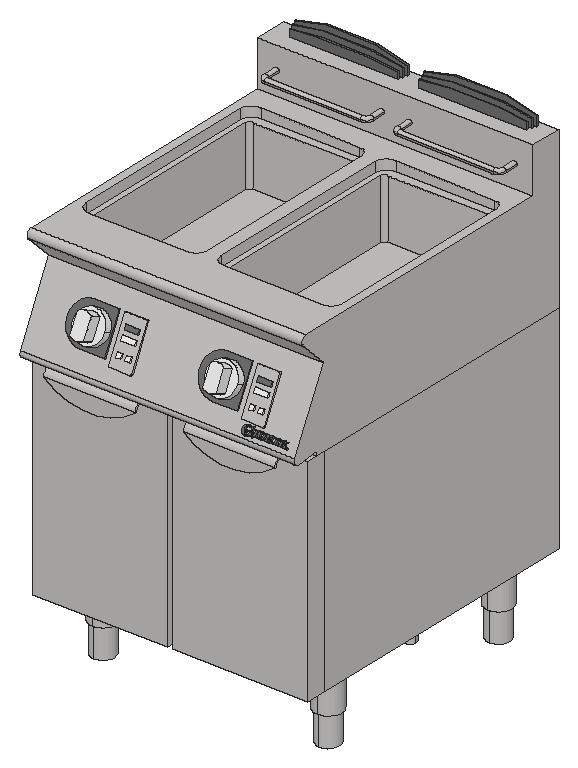
Revit family "QF_GIORIK_FG7215MT", category Specialty Equipment, Revit 2014
Parameters (values of type "FG7215MT")
  Weight in Pounds = 220.462
  Watts = 200 W
  Volts = 230 V
  URL Cutsheet = "www.giorik.com"
  URL = "www.giorik.com"
  Status [instance] = ""
  Specification by User [instance] = ""
  Specification by Manufacturer = ""
  Show Logo [instance] = yes
  Show Clearance [instance] = yes
  Serial Number = ""
  Seismic Rating = ""
  SMACNA No = ""
  Revision Code [instance] = ""
  Phase = 1
  Number of Poles [instance] = 1
  NAFEM Spec ID Number = ""
  Model = "FG7215MT"
  Min Ckt Ampacity = 0 A
  Mechanical Remarks [instance] = "Natural Gas"
  Mechanical Connection Type [instance] = ""
  Max Overcurrent Protection = 0 A
  Masterspec = ""
  Manufacturer = "GIORIK"
  Item Number [instance] = ""
  Installed By [instance] = ""
  Identify Quantity as Lot [instance] = no
  HP = "0.268204000000"
  Gas Size = 1"
  Gas RI Height [instance] = 0 mm
  Gas KW = 18.8
  Gas Input = 18800 W
  Gas Connection Height [instance] = 150 mm
  Furnished By [instance] = ""
  Foodservice Equipment Identifier [instance] = yes
  FL Amps = 0 A
  Electrical Remarks [instance] = ""
  Electric Connection Type [instance] = ""
  Elec Conn RI Height [instance] = 0 mm
  Elec Conn Connection Height [instance] = 150 mm
  Description = "13+13 LITRE MELTING GAS FRYER."
  Cycle = 50 Hz
  Conn Plug = ""
  Conn Conduit [instance] = no
  CSI MasterFormat = ""
  Assembly Code = "E1090320"
  Apparent Power = 200 VA
Reference planes
  plane 1 "Back": y = 0
  plane 2: z = 0
  plane 3 "Left": x = 0
  plane 4 "Right": x = 600
  plane 5 "Front": y = -720
  plane 6 "Top": z = 900
Forms (mm)
  Extrusion 1, solid, visible <- "Show Logo"
    sketch origin (386.604, -736.761, 609.486) x (-1, 0, 0) y (0, 0.452718, 0.891654)
      loop
        line (-118.824, 58.358) -> (-127.804, 58.358) -> (-125.523, 56.445) -> (-125.523, 48.027) -> (-127.804, 46.113) -> (-118.824, 46.113) -> (-121.105, 48.027) -> (-121.105, 56.445) -> (-118.824, 58.358)
      loop
        line (-163.721, 58.358) -> (-172.7, 58.358) -> (-170.42, 56.445) -> (-170.42, 48.027) -> (-172.7, 46.113) -> (-163.721, 46.113) -> (-166.001, 48.027) -> (-166.001, 56.445) -> (-163.721, 58.358)
      loop
        line (-174.332, 58.358) -> (-183.312, 58.358) -> (-181.031, 56.445) -> (-181.031, 52.435) -> (-186.419, 56.955) -> (-184.416, 58.358) -> (-191.268, 58.358) -> (-188.01, 56.839) -> (-185.455, 54.283) -> (-190.846, 47.858) -> (-193.396, 46.93) -> (-193.396, 46.113) -> (-184.416, 46.113) -> (-185.437, 47.571) -> (-182.443, 51.552) -> (-181.031, 50.894) -> (-181.031, 48.027) -> (-183.312, 46.113) -> (-174.332, 46.113) -> (-176.613, 48.027) -> (-176.613, 56.445) -> (-174.332, 58.358)
      loop
        line (-115.429, 62.063) -> (-115.429, 54.198)
        arc (-115.429, 54.198) -> (-111.618, 57.803) -> (-106.847, 59.986) r 16.039
        arc (-106.847, 59.986) -> (-103.314, 59.837) -> (-100.512, 57.68) r 5.851
        arc (-100.512, 57.68) -> (-98.815, 52.267) -> (-100.512, 46.853) r 9.479
        arc (-100.512, 46.853) -> (-102.406, 44.986) -> (-104.846, 43.93) r 7.236
        arc (-104.846, 43.93) -> (-107.728, 44.111) -> (-110.052, 45.825) r 5.11
        line (-110.052, 45.825) -> (-110.052, 52.001) -> (-116.141, 52.001) -> (-116.141, 45.503) -> (-117.893, 43.751) -> (-114.094, 44.769)
        arc (-114.094, 44.769) -> (-112.56, 44.947) -> (-111.129, 44.366) r 3.115
        arc (-111.129, 44.366) -> (-104.216, 42.091) -> (-97.303, 44.366) r 11.641
        arc (-97.303, 44.366) -> (-93.396, 52.107) -> (-97.303, 59.849) r 9.622
        arc (-97.303, 59.849) -> (-104.369, 62.174) -> (-111.435, 59.849) r 11.898
        line (-111.435, 59.849) -> (-115.429, 62.063)
      loop
        arc (-129.234, 56.068) -> (-135.893, 58.628) -> (-142.552, 56.068) r 9.941
        arc (-142.552, 56.068) -> (-144.234, 52.286) -> (-142.552, 48.505) r 5.093
        arc (-142.552, 48.505) -> (-135.893, 45.945) -> (-129.234, 48.505) r 9.941
        arc (-129.234, 48.505) -> (-127.552, 52.286) -> (-129.234, 56.068) r 5.093
      loop
        arc (-132.628, 54.403) -> (-135.893, 57.668) -> (-139.158, 54.403) r 3.265
        line (-139.158, 54.403) -> (-139.158, 50.169)
        arc (-139.158, 50.169) -> (-135.893, 46.904) -> (-132.628, 50.169) r 3.265
        line (-132.628, 50.169) -> (-132.628, 54.403)
      loop
        arc (-156.363, 58.365) -> (-159.647, 55.081) -> (-156.363, 51.796) r 3.285
        line (-156.363, 51.796) -> (-159.529, 47.306) -> (-162.087, 46.113) -> (-155.847, 46.113) -> (-153.529, 51.083) -> (-150.637, 51.083) -> (-150.637, 47.784) -> (-153.022, 46.113) -> (-144.011, 46.113) -> (-146.094, 47.68) -> (-146.094, 56.493) -> (-144.229, 58.365) -> (-156.363, 58.365)
      loop
        line (-150.637, 57.512) -> (-153.637, 57.512)
        arc (-153.637, 57.512) -> (-156.237, 54.912) -> (-153.637, 52.312) r 2.6
        line (-153.637, 52.312) -> (-150.637, 52.312) -> (-150.637, 57.512)
      loop
        line (-108.924, 52.001) -> (-104.936, 49.005) -> (-100.948, 52.001) -> (-108.924, 52.001)
    from 1.5 to -0.5
  Extrusion 2, solid
    sketch origin (-16, 1025.81, 0) x (1, 0, 0) y (0, 1, 0)
      loop
        line (25, -1086.81) -> (25, -1156.81) -> (115, -1156.81) -> (115, -1086.81) -> (25, -1086.81)
    from 148 to 150
  Extrusion 3, solid
    sketch origin (-14, 0, 130) x (1, 0, 0) y (0, 1, 0)
      loop
        circle (54, -385) r 12.5
    from 0 to 20
  Extrusion 4, solid
    sketch origin (0, 1000, -20) x (0, 1, 0) y (0, 0, 1)
      loop
        line (-1000, 989.988) -> (-1070, 989.988) -> (-1070, 889.988) -> (-1688.806, 889.988)
        arc (-1688.806, 889.988) -> (-1699.151, 883.075) -> (-1696.724, 870.873) r 11.197
        line (-1696.724, 870.873) -> (-1640.876, 815.025) -> (-1718.948, 661.258)
        arc (-1718.948, 661.258) -> (-1718.233, 650.105) -> (-1708.118, 645.354) r 10.981
        line (-1708.118, 645.354) -> (-1660, 649.925) -> (-1660, 640) -> (-1000, 640) -> (-1000, 989.988)
    from 0 to 600
  Extrusion 5, solid
    sketch origin (0, 0, 599.536) x (1, 0, 0) y (0, 1, 0)
      loop
        line (0, -640) -> (40, -640) -> (40, -40) -> (560, -40) -> (560, -640) -> (600, -640) -> (600, 0) -> (0, 0) -> (0, -640)
    from -449.536 to 20.464
  Extrusion 6, solid
    sketch origin (0, 0, 0) x (1, 0, 0) y (0, 1, 0)
      loop
        line (40, -40) -> (40, -640) -> (560, -640) -> (560, -40) -> (40, -40)
    from 150 to 190
  Extrusion 7, solid
    sketch origin (-16, 560.81, 0) x (1, 0, 0) y (0, 1, 0)
      loop
        line (25, -1086.81) -> (25, -1156.81) -> (115, -1156.81) -> (115, -1086.81) -> (25, -1086.81)
    from 148 to 150
  Revolve 8, solid
    sketch origin (54, 560.81, 0) x (0, 1, 0) y (0, 0, 1)
      loop
        line (-1092.56, 66) -> (-1092.56, 148) -> (-1121.81, 148) -> (-1121.81, 0) -> (-1096.81, 0) -> (-1096.81, 66) -> (-1092.56, 66)
      axis (-1121.81, 0) -> (-1121.81, 148)
    angle from 0 to 360
  Revolve 9, solid
    sketch origin (54, 1025.81, 0) x (0, 1, 0) y (0, 0, 1)
      loop
        line (-1092.56, 66) -> (-1092.56, 148) -> (-1121.81, 148) -> (-1121.81, 0) -> (-1096.81, 0) -> (-1096.81, 66) -> (-1092.56, 66)
      axis (-1121.81, 0) -> (-1121.81, 148)
    angle from 0 to 360
  Extrusion 10, solid
    sketch origin (616, 560.81, 0) x (-1, 0, 0) y (0, -1, 0)
      loop
        line (25, 1086.81) -> (115, 1086.81) -> (115, 1156.81) -> (25, 1156.81) -> (25, 1086.81)
    from 148 to 150
  Revolve 11, solid
    sketch origin (546, 560.81, 0) x (0, 1, 0) y (0, 0, -1)
      loop
        line (-1092.56, -66) -> (-1096.81, -66) -> (-1096.81, 0) -> (-1121.81, 0) -> (-1121.81, -148) -> (-1092.56, -148) -> (-1092.56, -66)
      axis (-1121.81, 0) -> (-1121.81, -148)
    angle from 0 to 360
  Extrusion 12, solid
    sketch origin (616, -1217.81, 0) x (-1, 0, 0) y (0, -1, 0)
      loop
        line (25, -1086.81) -> (25, -1156.81) -> (115, -1156.81) -> (115, -1086.81) -> (25, -1086.81)
    from 148 to 150
  Revolve 13, solid
    sketch origin (546, -1217.81, 0) x (0, -1, 0) y (0, 0, 1)
      loop
        line (-1092.56, 66) -> (-1092.56, 148) -> (-1121.81, 148) -> (-1121.81, 0) -> (-1096.81, 0) -> (-1096.81, 66) -> (-1092.56, 66)
      axis (-1121.81, 0) -> (-1121.81, 148)
    angle from 0 to 360
  Extrusion 14, solid
    sketch origin (-293.221, -963.345, 52.363) x (1, 0, 0) y (0, 0.452718, 0.891654)
      loop
        line (463.221, 676.25) -> (463.221, 766.25) -> (409.698, 766.25)
        arc (409.698, 766.25) -> (364.698, 721.25) -> (409.698, 676.25) r 45
        line (409.698, 676.25) -> (463.221, 676.25)
    from 48 to 50
  Extrusion 15, solid
    sketch origin (481.331, -1008.697, 74.959) x (-1, 0, 0) y (0, -0.45351, -0.891251)
      loop
        circle (351.331, -721.346) r 35
    from 0 to 15
  Extrusion 16, solid
    sketch origin (481.331, -1008.697, 74.959) x (-1, 0, 0) y (0, -0.45351, -0.891251)
      loop
        arc (336.331, -743.846) -> (351.331, -748.846) -> (366.331, -743.846) r 25
        line (366.331, -743.846) -> (366.331, -698.846)
        arc (366.331, -698.846) -> (351.331, -693.846) -> (336.331, -698.846) r 25
        line (336.331, -698.846) -> (336.331, -743.846)
    from 15 to 40
  Extrusion 17, solid
    sketch origin (-94, 0, 59.999) x (1, 0, 0) y (0, 0, 1)
      loop
        line (135, 909.989) -> (370.5, 909.989) -> (370.5, 925.527) -> (305.556, 931.749) -> (199.444, 931.749) -> (135, 925.527) -> (135, 909.989)
    from 32 to 35
  Extrusion 18, solid
    sketch origin (-92, 10, 59.999) x (1, 0, 0) y (0, 0, 1)
      loop
        line (371.5, 909.989) -> (371.5, 928.527) -> (304.662, 939.193) -> (196.338, 939.193) -> (130, 928.527) -> (130, 909.989) -> (371.5, 909.989)
    from 32 to 35
  Extrusion 19, solid
    sketch origin (-90, 20, 59.999) x (1, 0, 0) y (0, 0, 1)
      loop
        line (372.5, 909.989) -> (372.5, 930.527) -> (303.896, 947.413) -> (193.104, 947.413) -> (125, 930.527) -> (125, 909.989) -> (372.5, 909.989)
    from 32 to 35
  Extrusion 20, void
    sketch origin (0, 0, 819.988) x (0, 1, 0) y (-1, 0, 0)
      loop
        arc (-120, -45) -> (-127.322, -27.322) -> (-145, -20) r 25
        line (-145, -20) -> (-565.002, -20)
        arc (-565.002, -20) -> (-582.68, -27.322) -> (-590.002, -45) r 25
        line (-590.002, -45) -> (-590.002, -260)
        arc (-590.002, -260) -> (-582.68, -277.678) -> (-565.002, -285) r 25
        line (-565.002, -285) -> (-145, -285)
        arc (-145, -285) -> (-127.322, -277.678) -> (-120, -260) r 25
        line (-120, -260) -> (-120, -45)
    from -100 to 50
  Extrusion 21, solid
    sketch origin (0, 0, 900) x (0, 1, 0) y (-1, 0, 0)
      loop
        arc (-120, -45) -> (-127.322, -27.322) -> (-145, -20) r 25
        line (-145, -20) -> (-565.002, -20)
        arc (-565.002, -20) -> (-582.68, -27.322) -> (-590.002, -45) r 25
        line (-590.002, -45) -> (-590.002, -260)
        arc (-590.002, -260) -> (-582.68, -277.678) -> (-565.002, -285) r 25
        line (-565.002, -285) -> (-145, -285)
        arc (-145, -285) -> (-127.322, -277.678) -> (-120, -260) r 25
        line (-120, -260) -> (-120, -45)
      loop
        arc (-140, -45) -> (-142.929, -37.929) -> (-150, -35) r 10
        line (-150, -35) -> (-560.002, -35)
        arc (-560.002, -35) -> (-567.073, -37.929) -> (-570.002, -45) r 10
        line (-570.002, -45) -> (-570.002, -260)
        arc (-570.002, -260) -> (-567.073, -267.071) -> (-560.002, -270) r 10
        line (-560.002, -270) -> (-150, -270)
        arc (-150, -270) -> (-142.929, -267.071) -> (-140, -260) r 10
        line (-140, -260) -> (-140, -45)
    from -180.012 to -50
  Extrusion 22, solid
    sketch origin (205, -725, 0) x (1, 0, 0) y (0, 0, 1)
      loop
        line (100, 620) -> (100, 150) -> (395, 150) -> (395, 620) -> (100, 620)
    from -85 to -40
  Extrusion 23, solid
    sketch origin (255, -725, -20.1) x (0, 1, 0) y (0, 0, 1)
      loop
        arc (25, 640.1) -> (14.393, 635.707) -> (10, 625.1) r 15
        line (10, 625.1) -> (12, 625.1)
        arc (12, 625.1) -> (15.808, 634.292) -> (25, 638.1) r 13
        line (25, 638.1) -> (40, 638.1) -> (40, 640.1) -> (25, 640.1)
    from 97.5 to 297.5
  Extrusion 24, solid
    sketch origin (255, -724.905, -20.1) x (1, 0, 0) y (0, 0, 1)
      loop
        arc (97.5, 625.1) -> (197.5, 590.089) -> (297.5, 625.1) r 160.316
        line (297.5, 625.1) -> (97.5, 625.1)
    from -11.905 to -9.905
  Extrusion 25, solid, visible <- "Show Clearance", detail levels coarse
    sketch origin (600, -725, 0) x (-1, 0, 0) y (0, -1, 0)
      loop
        line (0, -40) -> (295, -40)
        arc (295, -40) -> (208.597, 168.596) -> (0, 255) r 295
        line (0, 255) -> (0, -40)
    from 150 to 620
  Sweep 26, solid
    path origin (-40, 0, 919.988) x (0, 1, 0) y (-1, 0, 0)
      loop
        line (-70, -80) -> (-100, -80)
        arc (-100, -80) -> (-107.071, -82.929) -> (-110, -90) r 10
        line (-110, -90) -> (-110, -300)
        arc (-110, -300) -> (-107.071, -307.071) -> (-100, -310) r 10
        line (-100, -310) -> (-70, -310)
    profile origin (40, -85, 919.988) x (1, 0, 0) y (0, 0, 1)
      loop
        circle (0, 0) r 5
  Extrusion 27, solid
    sketch origin (-3.221, -963.345, 52.363) x (1, 0, 0) y (0, 0.452718, 0.891654)
      loop
        line (463.221, 676.25) -> (463.221, 766.25) -> (409.698, 766.25)
        arc (409.698, 766.25) -> (364.698, 721.25) -> (409.698, 676.25) r 45
        line (409.698, 676.25) -> (463.221, 676.25)
    from 48 to 50
  Extrusion 28, solid
    sketch origin (771.331, -1008.697, 74.959) x (-1, 0, 0) y (0, -0.45351, -0.891251)
      loop
        circle (351.331, -721.346) r 35
    from 0 to 15
  Extrusion 29, solid
    sketch origin (771.331, -1008.697, 74.959) x (-1, 0, 0) y (0, -0.45351, -0.891251)
      loop
        arc (336.331, -743.846) -> (351.331, -748.846) -> (366.331, -743.846) r 25
        line (366.331, -743.846) -> (366.331, -698.846)
        arc (366.331, -698.846) -> (351.331, -693.846) -> (336.331, -698.846) r 25
        line (336.331, -698.846) -> (336.331, -743.846)
    from 15 to 40
  Extrusion 30, solid
    sketch origin (-335.187, -1048.482, 17.9) x (1, 0, 0) y (0, 0.453086, 0.891467)
      loop
        arc (527.687, 837.056) -> (525.919, 836.323) -> (525.187, 834.556) r 2.5
        line (525.187, 834.556) -> (525.187, 739.556)
        arc (525.187, 739.556) -> (525.919, 737.788) -> (527.687, 737.056) r 2.5
        line (527.687, 737.056) -> (572.687, 737.056)
        arc (572.687, 737.056) -> (574.454, 737.788) -> (575.187, 739.556) r 2.5
        line (575.187, 739.556) -> (575.187, 834.556)
        arc (575.187, 834.556) -> (574.454, 836.323) -> (572.687, 837.056) r 2.5
        line (572.687, 837.056) -> (527.687, 837.056)
    from 0 to 2
  Extrusion 31, solid
    sketch origin (-333.229, -1042.28, 30.103) x (1, 0, 0) y (0, 0.453086, 0.891467)
      loop
        line (533.229, 803.367) -> (533.229, 793.367) -> (563.229, 793.367) -> (563.229, 803.367) -> (533.229, 803.367)
    from 0 to 3
  Extrusion 32, solid
    sketch origin (-333.229, -1044.546, 25.646) x (1, 0, 0) y (0, 0.453086, 0.891467)
      loop
        line (533.229, 758.367) -> (533.229, 748.367) -> (543.229, 748.367) -> (543.229, 758.367) -> (533.229, 758.367)
    from 0 to 3
  Extrusion 33, solid
    sketch origin (-333.229, -1051.342, 12.274) x (1, 0, 0) y (0, 0.453086, 0.891467)
      loop
        line (533.229, 803.367) -> (533.229, 793.367) -> (563.229, 793.367) -> (563.229, 803.367) -> (533.229, 803.367)
    from 0 to 3
  Extrusion 34, solid
    sketch origin (-313.229, -1044.546, 25.646) x (1, 0, 0) y (0, 0.453086, 0.891467)
      loop
        line (533.229, 758.367) -> (533.229, 748.367) -> (543.229, 748.367) -> (543.229, 758.367) -> (533.229, 758.367)
    from 0 to 3
  Extrusion 35, solid
    sketch origin (-45.187, -1048.482, 17.9) x (1, 0, 0) y (0, 0.453086, 0.891467)
      loop
        arc (527.687, 837.056) -> (525.919, 836.323) -> (525.187, 834.556) r 2.5
        line (525.187, 834.556) -> (525.187, 739.556)
        arc (525.187, 739.556) -> (525.919, 737.788) -> (527.687, 737.056) r 2.5
        line (527.687, 737.056) -> (572.687, 737.056)
        arc (572.687, 737.056) -> (574.454, 737.788) -> (575.187, 739.556) r 2.5
        line (575.187, 739.556) -> (575.187, 834.556)
        arc (575.187, 834.556) -> (574.454, 836.323) -> (572.687, 837.056) r 2.5
        line (572.687, 837.056) -> (527.687, 837.056)
    from 0 to 2
  Extrusion 36, solid
    sketch origin (-43.229, -1042.28, 30.103) x (1, 0, 0) y (0, 0.453086, 0.891467)
      loop
        line (533.229, 803.367) -> (533.229, 793.367) -> (563.229, 793.367) -> (563.229, 803.367) -> (533.229, 803.367)
    from 0 to 3
  Extrusion 37, solid
    sketch origin (-43.229, -1044.546, 25.646) x (1, 0, 0) y (0, 0.453086, 0.891467)
      loop
        line (533.229, 758.367) -> (533.229, 748.367) -> (543.229, 748.367) -> (543.229, 758.367) -> (533.229, 758.367)
    from 0 to 3
  Extrusion 38, solid
    sketch origin (-43.229, -1051.342, 12.274) x (1, 0, 0) y (0, 0.453086, 0.891467)
      loop
        line (533.229, 803.367) -> (533.229, 793.367) -> (563.229, 793.367) -> (563.229, 803.367) -> (533.229, 803.367)
    from 0 to 3
  Extrusion 39, solid
    sketch origin (-23.229, -1044.546, 25.646) x (1, 0, 0) y (0, 0.453086, 0.891467)
      loop
        line (533.229, 758.367) -> (533.229, 748.367) -> (543.229, 748.367) -> (543.229, 758.367) -> (533.229, 758.367)
    from 0 to 3
  Extrusion 40, solid
    sketch origin (-200, 0, 100) x (0, 1, 0) y (-1, 0, 0)
      loop
        circle (-380, -780) r 12.5
    from 30 to 50
  Extrusion 41, solid
    sketch origin (295, 0, 900) x (0, 1, 0) y (-1, 0, 0)
      loop
        arc (-120, -45) -> (-127.322, -27.322) -> (-145, -20) r 25
        line (-145, -20) -> (-565.002, -20)
        arc (-565.002, -20) -> (-582.68, -27.322) -> (-590.002, -45) r 25
        line (-590.002, -45) -> (-590.002, -260)
        arc (-590.002, -260) -> (-582.68, -277.678) -> (-565.002, -285) r 25
        line (-565.002, -285) -> (-145, -285)
        arc (-145, -285) -> (-127.322, -277.678) -> (-120, -260) r 25
        line (-120, -260) -> (-120, -45)
      loop
        arc (-140, -45) -> (-142.929, -37.929) -> (-150, -35) r 10
        line (-150, -35) -> (-560.002, -35)
        arc (-560.002, -35) -> (-567.073, -37.929) -> (-570.002, -45) r 10
        line (-570.002, -45) -> (-570.002, -260)
        arc (-570.002, -260) -> (-567.073, -267.071) -> (-560.002, -270) r 10
        line (-560.002, -270) -> (-150, -270)
        arc (-150, -270) -> (-142.929, -267.071) -> (-140, -260) r 10
        line (-140, -260) -> (-140, -45)
    from -180.012 to -50
  Sweep 42, solid
    path origin (250, 0, 919.988) x (0, 1, 0) y (-1, 0, 0)
      loop
        line (-70, -80) -> (-100, -80)
        arc (-100, -80) -> (-107.071, -82.929) -> (-110, -90) r 10
        line (-110, -90) -> (-110, -300)
        arc (-110, -300) -> (-107.071, -307.071) -> (-100, -310) r 10
        line (-100, -310) -> (-70, -310)
    profile origin (330, -85, 919.988) x (1, 0, 0) y (0, 0, 1)
      loop
        circle (0, 0) r 5
  Extrusion 43, void
    sketch origin (600, 0, 819.988) x (0, 1, 0) y (-1, 0, 0)
      loop
        line (-120, 45) -> (-120, 260)
        arc (-120, 260) -> (-127.322, 277.678) -> (-145, 285) r 25
        line (-145, 285) -> (-565.002, 285)
        arc (-565.002, 285) -> (-582.68, 277.678) -> (-590.002, 260) r 25
        line (-590.002, 260) -> (-590.002, 45)
        arc (-590.002, 45) -> (-582.68, 27.322) -> (-565.002, 20) r 25
        line (-565.002, 20) -> (-145, 20)
        arc (-145, 20) -> (-127.322, 27.322) -> (-120, 45) r 25
    from -100 to 50
  Extrusion 44, solid
    sketch origin (694, 0, 59.999) x (-1, 0, 0) y (0, 0, -1)
      loop
        line (135, -909.989) -> (135, -925.527) -> (199.444, -931.749) -> (305.556, -931.749) -> (370.5, -925.527) -> (370.5, -909.989) -> (135, -909.989)
    from 32 to 35
  Extrusion 45, solid
    sketch origin (692, 10, 59.999) x (-1, 0, 0) y (0, 0, -1)
      loop
        line (371.5, -909.989) -> (130, -909.989) -> (130, -928.527) -> (196.338, -939.193) -> (304.662, -939.193) -> (371.5, -928.527) -> (371.5, -909.989)
    from 32 to 35
  Extrusion 46, solid
    sketch origin (690, 20, 59.999) x (-1, 0, 0) y (0, 0, -1)
      loop
        line (372.5, -909.989) -> (125, -909.989) -> (125, -930.527) -> (193.104, -947.413) -> (303.896, -947.413) -> (372.5, -930.527) -> (372.5, -909.989)
    from 32 to 35
  Extrusion 47, solid
    sketch origin (395, -725, 0) x (-1, 0, 0) y (0, 0, -1)
      loop
        line (100, -620) -> (395, -620) -> (395, -150) -> (100, -150) -> (100, -620)
    from -85 to -40
  Extrusion 48, solid
    sketch origin (345, -725, -20.1) x (0, 1, 0) y (0, 0, -1)
      loop
        line (25, -640.1) -> (40, -640.1) -> (40, -638.1) -> (25, -638.1)
        arc (25, -638.1) -> (15.808, -634.292) -> (12, -625.1) r 13
        line (12, -625.1) -> (10, -625.1)
        arc (10, -625.1) -> (14.393, -635.707) -> (25, -640.1) r 15
    from 97.5 to 297.5
  Extrusion 49, solid
    sketch origin (345, -724.905, -20.1) x (-1, 0, 0) y (0, 0, -1)
      loop
        line (97.5, -625.1) -> (297.5, -625.1)
        arc (297.5, -625.1) -> (197.5, -590.089) -> (97.5, -625.1) r 160.316
    from -11.905 to -9.905
  Extrusion 50, solid, visible <- "Show Clearance", detail levels coarse
    sketch origin (0, -725, 0) x (1, 0, 0) y (0, 1, 0)
      loop
        line (0, 40) -> (0, -255)
        arc (0, -255) -> (208.597, -168.596) -> (295, 40) r 295
        line (295, 40) -> (0, 40)
    from 150 to 620
Cuts and joins
  Extrusion 20, Extrusion 43 cuts Extrusion 4
  Extrusion 43 cuts Extrusion 21
Lines and regions (mm)
  symbolic lines, style "200-EquipBorder-2D"
    curve 1: line (0, -720, 0) -> (600, -720, 0)
    curve 2: line (600, -720, 0) -> (600, 0, 0)
    curve 3: line (600, 0, 0) -> (0, 0, 0)
    curve 4: line (0, 0, 0) -> (0, -720, 0)
  symbolic lines, style "QF_Door-Drawer Clearances", visible <- "Show Clearance", detail levels coarse
    curve 5: line (600, -685, 0) -> (600, -980, 0)
    curve 7: line (0, -685, 0) -> (0, -980, 0)
  symbolic lines, style "200-EquipDoors-2D", visible <- "Show Clearance", detail levels coarse
    curve 6: arc (305, -685, 900) -> (391.403, -893.597, 900) -> (600, -980, 900) r 295
    curve 8: arc (295, -685, 900) -> (208.597, -893.597, 900) -> (0, -980, 900) r 295
  symbolic lines, style "200-EquipInternal-2D"
    curve 9: line (20, -145, 900) -> (20, -565.002, 900)
    curve 10: line (35, -560.002, 900) -> (35, -150, 900)
    curve 11: line (270, -150, 900) -> (270, -560.002, 900)
    curve 12: line (285, -565.002, 900) -> (285, -145, 900)
    curve 13: line (315, -145, 900) -> (315, -565.002, 900)
    curve 14: line (330, -560.002, 900) -> (330, -150, 900)
    curve 15: line (565, -150, 900) -> (565, -560.002, 900)
    curve 16: line (555, -120, 900) -> (340, -120, 900)
    curve 17: line (340, -140, 900) -> (555, -140, 900)
    curve 18: line (45, -140, 900) -> (260, -140, 900)
    curve 19: line (260, -120, 900) -> (45, -120, 900)
    curve 20: line (45, -590.002, 900) -> (260, -590.002, 900)
    curve 21: line (260, -570.002, 900) -> (45, -570.002, 900)
    curve 22: line (340, -590.002, 900) -> (555, -590.002, 900)
    curve 23: line (555, -570.002, 900) -> (340, -570.002, 900)
    curve 24: arc (315, -565.002, 900) -> (322.322, -582.68, 900) -> (340, -590.002, 900) r 25
    curve 25: arc (260, -590.002, 900) -> (277.678, -582.68, 900) -> (285, -565.002, 900) r 25
    curve 26: arc (20, -565.002, 900) -> (27.322, -582.68, 900) -> (45, -590.002, 900) r 25
    curve 27: arc (270, -560.002, 900) -> (267.071, -567.073, 900) -> (260, -570.002, 900) r 10
    curve 28: arc (340, -570.002, 900) -> (332.929, -567.073, 900) -> (330, -560.002, 900) r 10
    curve 29: arc (565, -560.002, 900) -> (562.071, -567.073, 900) -> (555, -570.002, 900) r 10
    curve 30: arc (555, -590.002, 900) -> (572.678, -582.68, 900) -> (580, -565.002, 900) r 25
    curve 31: arc (580, -145, 900) -> (572.678, -127.322, 900) -> (555, -120, 900) r 25
    curve 32: line (580, -565.002, 900) -> (580, -145, 900)
    curve 33: arc (340, -120, 900) -> (322.322, -127.322, 900) -> (315, -145, 900) r 25
    curve 34: arc (285, -145, 900) -> (277.678, -127.322, 900) -> (260, -120, 900) r 25
    curve 35: arc (260, -140, 900) -> (267.071, -142.929, 900) -> (270, -150, 900) r 10
    curve 36: arc (330, -150, 900) -> (332.929, -142.929, 900) -> (340, -140, 900) r 10
    curve 37: arc (35, -150, 900) -> (37.929, -142.929, 900) -> (45, -140, 900) r 10
    curve 38: arc (45, -120, 900) -> (27.322, -127.322, 900) -> (20, -145, 900) r 25
    curve 39: arc (45, -570.002, 900) -> (37.929, -567.073, 900) -> (35, -560.002, 900) r 10
    curve 40: line (282.5, -12, 900) -> (35, -12, 900)
    curve 41: line (35, -15, 900) -> (282.5, -15, 900)
    curve 42: line (279.5, -22, 900) -> (38, -22, 900)
    curve 43: line (38, -25, 900) -> (279.5, -25, 900)
    curve 44: line (276.5, -32, 900) -> (41, -32, 900)
    curve 45: line (41, -35, 900) -> (276.5, -35, 900)
    curve 46: line (38, -22, 900) -> (38, -25, 900)
    curve 47: line (35, -12, 900) -> (35, -15, 900)
    curve 48: line (41, -32, 900) -> (41, -35, 900)
    curve 49: line (276.5, -35, 900) -> (276.5, -32, 900)
    curve 50: line (279.5, -25, 900) -> (279.5, -22, 900)
    curve 51: line (282.5, -15, 900) -> (282.5, -12, 900)
    curve 52: line (565, -12, 900) -> (317.5, -12, 900)
    curve 53: line (317.5, -15, 900) -> (565, -15, 900)
    curve 54: line (562, -22, 900) -> (320.5, -22, 900)
    curve 55: line (320.5, -25, 900) -> (562, -25, 900)
    curve 56: line (559, -32, 900) -> (323.5, -32, 900)
    curve 57: line (323.5, -35, 900) -> (559, -35, 900)
    curve 58: line (320.5, -22, 900) -> (320.5, -25, 900)
    curve 59: line (317.5, -12, 900) -> (317.5, -15, 900)
    curve 60: line (323.5, -32, 900) -> (323.5, -35, 900)
    curve 61: line (559, -35, 900) -> (559, -32, 900)
    curve 62: line (562, -25, 900) -> (562, -22, 900)
    curve 63: line (565, -15, 900) -> (565, -12, 900)
    curve 64: line (35, -70, 900) -> (0, -70, 900)
    curve 65: line (45, -70, 900) -> (265, -70, 900)
    curve 66: line (265, -70, 900) -> (265, -100.566, 900)
    curve 67: line (45, -100.104, 900) -> (45, -70, 900)
    curve 68: line (35, -70, 900) -> (35, -101.916, 900)
    curve 69: line (50.124, -114.998, 900) -> (259.891, -114.998, 900)
    curve 70: line (259.891, -104.995, 900) -> (49.891, -104.995, 900)
    curve 71: arc (45, -100.104, 900) -> (46.433, -103.563, 900) -> (49.891, -104.995, 900) r 4.891
    curve 72: line (275, -101.145, 900) -> (275, -70, 900)
    curve 73: line (275, -70, 900) -> (325, -70, 900)
    curve 74: line (335, -70, 900) -> (555, -70, 900)
    curve 75: line (555, -70, 900) -> (555, -100.566, 900)
    curve 76: line (335, -100.104, 900) -> (335, -70, 900)
    curve 77: line (325, -70, 900) -> (325, -100.783, 900)
    curve 78: line (339.861, -114.998, 900) -> (550.124, -114.998, 900)
    curve 79: line (550.126, -104.995, 900) -> (339.891, -104.995, 900)
    curve 80: arc (335, -100.104, 900) -> (336.433, -103.563, 900) -> (339.891, -104.995, 900) r 4.891
    curve 81: arc (555, -100.566, 900) -> (553.419, -103.723, 900) -> (550.126, -104.995, 900) r 4.897
    curve 82: arc (325, -100.783, 900) -> (329.578, -110.872, 900) -> (339.861, -114.998, 900) r 14.875
    curve 83: arc (550.124, -114.998, 900) -> (560.28, -110.997, 900) -> (564.979, -101.145, 900) r 14.891
    curve 84: line (564.979, -101.145, 900) -> (564.979, -70, 900)
    curve 85: line (564.979, -70, 900) -> (600, -70, 900)
    curve 86: arc (555, -140, 900) -> (562.071, -142.929, 900) -> (565, -150, 900) r 10
  symbolic lines, style "200-EquipDoors-2D"
    curve 87: arc (35, -101.916, 900) -> (40.151, -111.244, 900) -> (50.124, -114.998, 900) r 15.407
    curve 88: arc (259.891, -104.995, 900) -> (263.504, -103.499, 900) -> (265, -99.887, 900) r 5.109
    curve 89: arc (275, -101.145, 900) -> (270.148, -111.019, 900) -> (259.891, -114.998, 900) r 15.135
Dimensions and locks
  plane 3 "Left" to plane 4 "Right" = 600 mm
  plane 5 "Front" to plane 1 "Back" = 720 mm
  plane 4 "Right" to plane 3 "Left" = 600 mm
  plane 1 "Back" to plane 5 "Front" = 720 mm
  plane 6 "Top" to level = 900 mm  (x2)
  aligned and locked: level to plane 2
Connectors
  piping at (40, -385, 130), diameter 25.4, driven by "Gas Size"
    settings: on Extrusion 3, index 2, connector inside diameter 24", connector length 0 mm, flow factor 0, pipe flow 0.0 L/s, pressure drop 0.0 Pa, fitting loss kfactor 0, connector angle 0.00°, fixture units 0, engagement length 0 mm, angle of deflection 0.00°, flow configuration 1, flow direction 1, fitting loss method 0, system type 22, joint type 0, gender type 0, connector reference index -1, connector utility 0, adjustable connector no, is connector primary yes, connector description "Gas inlet"
  electrical at (580, -380, 130), driven by "Apparent Power", driven by "Volts", driven by "Number of Poles"
    settings: on Extrusion 40, index 3, voltage 230 V, apparent load 0 VA, apparent load phase1 200 VA, apparent load phase2 0 VA, apparent load phase3 0 VA, power factor 1, load classification "Other", number of poles 1, system type 31, power factor state 1, is connector primary yes, connector utility no, sub classification motor no, connector description "Electrical connection"
